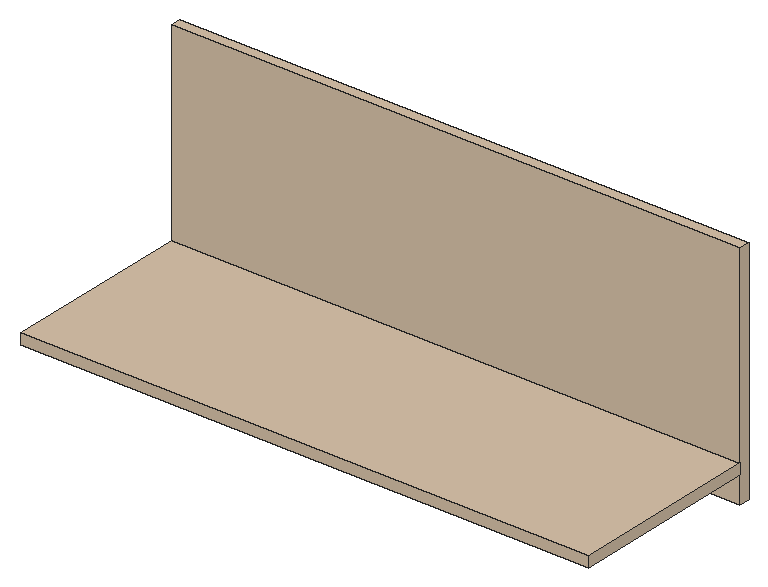
Revit family "Haworth_Masters_OpenSidedShelf_TwoHigh", category Furniture Systems, Revit 2018
Family settings
  Round Connector Dimension = Use Diameter
  Part Type = Normal
  OmniClass Number = 23.40.70.14.64.21
  OmniClass Title = Systems Furniture
  Work Plane-Based = No
  Always vertical = Yes
  Cut with Voids When Loaded = No
  Shared = No
  Room Calculation Point = No
Parameters (values of type "42w - One High - Letter Depth")
  Width = 42"
  Warranty = "http://www.haworth.com/resources/product-info/warranties"
  URL - Product = "http://www.haworth.com/products/desks/freestanding/masters-series"
  URL = "http://www.haworth.com/"
  Sustainability Info = "http://media.haworth.com/asset/94814/Masters%20series%20PEDS.pdf"
  Shelf Finish [instance] = Haworth _ Wood _ White Oak
  Shelf Depth = if(Legal Depth, 16 1/2", 14")  # 14"
  Panel Finish [instance] = Haworth _ Wood _ White Oak
  One High = not(Two High)  # yes
  Model = "Masters Series"
  Size = "Verify Final Dim. w/ Haworth"  # constant formula
  Revision Number = "1"  # constant formula
  Panel Depth = 3/4"  # constant formula
  Min/Max Width = "30-120 in. @ 6 in. Increments"  # constant formula
  Min/Max Height = "17 in. Single Shelf or 29 in. Double Shelf"  # constant formula
  Min. Width = 30"  # constant formula
  Max. Width = 120"  # constant formula
  Manufacturer = "Haworth"  # constant formula
  Letter Depth = not(Legal Depth)  # yes
  Legal Depth = no
  Description = "Masters Series Open Ended Shelving"
  Custom Size = not(or(Width = 30", Width = 36", Width = 42", Width = 48", Width = 54", Width = 60", Width = 66", Width = 72", Width = 78", Width = 84", Width = 90", Width = 96", Width = 102", Width = 108", Width = 114", Width = 120"))  # no
  Bottom Shelf [instance] = yes
  Author = "SHAPE Environments, LLC"  # constant formula
  Assembly Code = "E2020500"
  Actual Width = if(Width < Min. Width, Min. Width, if(Width > Max. Width, Max. Width, Width))  # 42"
  Panel Offset [instance] = 42"
  Actual Height = if(Two High, 29", 17")  # 17"
  Two High = no
Types (4): name | Width | One High | Description | Actual Width | Actual Height | Two High
  30w - One High - Letter Depth | 30" | yes | "Masters Series Open Ended Shelving - One High Letter Depth" | 30" | 17" | no
  30w - Two High - Letter Depth | 30" | no | "Masters Series Open Ended Shelving" | 30" | 29" | yes
  42w - One High - Letter Depth | 42" | yes | "Masters Series Open Ended Shelving" | 42" | 17" | no
  42w - Two High - Letter Depth | 42" | no | "Masters Series Open Ended Shelving" | 42" | 29" | yes
Reference planes (in)
  plane 1 "Center F/B": y = -0.82517
  plane 2: z = -12
  plane 3 "Center L/R": x = 0.09607
  plane 4 "Left Trim Inside": x = -20.90393
  plane 5 "Right Trim Inside": x = 21.09607
  plane 6 "Top": z = 47
  plane 7 "Panel Offset": z = 30
  plane 8 "Back": y = -0.45017
  plane 9 "panel front": y = -1.20017
  plane 10 "Front": y = -15.20017
  plane 11: z = 24
Forms (in)
  Sweep 1, solid, material "Haworth _ Wood _ White Oak" <- "Shelf Finish", visible <- "Bottom Shelf"
    path origin (0, -0.82517, 0) x (1, 0, 0) y (0, 0, 1)
      loop
        line (-20.90393, 30) -> (21.09607, 30)
    profile origin (0.09607, -0.82517, 30) x (0, 0, 1) y (0, -1, 0)
      loop
        line (2, 0.375) -> (2.75, 0.375) -> (2.75, 14.375) -> (2, 14.375) -> (2, 0.375)
  Extrusion 2, solid, material "Haworth _ Wood _ White Oak" <- "Panel Finish"
    sketch origin (0, 0, 0) x (1, 0, 0) y (0, 1, 0)
      loop
        line (-20.90393, -1.20017) -> (21.09607, -1.20017) -> (21.09607, -0.45017) -> (-20.90393, -0.45017) -> (-20.90393, -1.20017)
    from 30 to 47
  Sweep 3, solid, material "Haworth _ Wood _ White Oak" <- "Shelf Finish", visible <- "Two High"
    path origin (0, -0.82517, 0) x (1, 0, 0) y (0, 0, 1)
      loop
        line (-20.90393, 43) -> (21.09607, 43)
    profile origin (0.09607, -0.82517, 43) x (0, 0, 1) y (0, -1, 0)
      loop
        line (2, 0.375) -> (2.75, 0.375) -> (2.75, 14.375) -> (2, 14.375) -> (2, 0.375)
Lines and regions (in)
  Masking region 1, not visible
    outline origin (0, 0, 0) x (1, 0, 0) y (0, 1, 0)
      loop
        line (-20.90393, -1.20017) -> (-20.90393, -15.20017) -> (21.09607, -15.20017) -> (21.09607, -1.20017) -> (-20.90393, -1.20017)
  Masking region 2
    outline origin (0, 0, 0) x (1, 0, 0) y (0, 1, 0)
      loop
        line (-20.90393, -0.45017) -> (-20.90393, -15.20017) -> (21.09607, -15.20017) -> (21.09607, -0.45017) -> (-20.90393, -0.45017)
  symbolic lines, style "Haworth"
    curve 1: line (-20.90393, -1.20017, 0) -> (21.09607, -1.20017, 0)
Dimensions and locks (in)
  equal spacing: plane 4 "Left Trim Inside", plane 3 "Center L/R", plane 5 "Right Trim Inside"
  "Actual Width": plane 4 "Left Trim Inside" to plane 5 "Right Trim Inside"
  "Actual Height": plane 6 "Top" to plane 7 "Panel Offset"
  "Panel Offset": plane 7 "Panel Offset" to plane 2
  equal spacing: plane 8 "Back", plane 1 "Center F/B", plane 9 "panel front"
  "Panel Depth": plane 8 "Back" to plane 9 "panel front"
  locked: Sweep 3 to Sweep 1 at 13
  "Shelf Depth": plane 9 "panel front" to plane 10 "Front"
  plane 7 "Panel Offset" to plane 11 = 6"
  aligned and locked: Sweep 1 sketch curve to plane 7 "Panel Offset"
  aligned and locked: plane 4 "Left Trim Inside" to Sweep 1 sketch curve
  aligned and locked: plane 5 "Right Trim Inside" to Sweep 1 sketch curve
  aligned and locked: plane 9 "panel front" to Sweep 1
  aligned and locked: Masking region 1 sketch curve to Sweep 1
  aligned and locked: Masking region 1 sketch curve to plane 5 "Right Trim Inside"
  aligned and locked: Masking region 1 sketch curve to plane 9 "panel front"
  aligned and locked: Masking region 1 sketch curve to plane 4 "Left Trim Inside"
  aligned and locked: Extrusion 2 sketch curve to plane 9 "panel front"
  aligned and locked: Extrusion 2 sketch curve to plane 4 "Left Trim Inside"
  aligned and locked: plane 8 "Back" to Extrusion 2 sketch curve
  aligned and locked: plane 5 "Right Trim Inside" to Extrusion 2 sketch curve
  aligned and locked: plane 6 "Top" to Extrusion 2
  aligned and locked: Masking region 2 sketch curve to Sweep 1
  aligned and locked: Masking region 2 sketch curve to plane 4 "Left Trim Inside"
  aligned and locked: Masking region 2 sketch curve to plane 5 "Right Trim Inside"
  aligned and locked: Sweep 3 sketch curve to plane 10 "Front"
  aligned and locked: Sweep 3 sketch curve to plane 9 "panel front"
  aligned and locked: Sweep 1 sketch curve to plane 10 "Front"
  aligned and locked: Sweep 1 sketch curve to plane 9 "panel front"
Automatic sketch dimensions
  Sweep 3 sketch curve to plane 4 "Left Trim Inside" = 0"
  Sweep 3 sketch curve to plane 5 "Right Trim Inside" = 0"
  Sweep 3 sketch curve to plane 6 "Top" = 4"
  curve 1 to plane 4 "Left Trim Inside" = 0"
  curve 1 to plane 5 "Right Trim Inside" = 0"
  curve 1 to plane 9 "panel front" = 0"
  Sweep 1 sketch curve to profile plane = 2"
  Sweep 1 sketch curve to Sweep 1 sketch curve = 3/4"
  Sweep 3 sketch curve to profile plane = 2"
  Sweep 3 sketch curve to Sweep 3 sketch curve = 3/4"
  Masking region 2 sketch curve to plane 8 "Back" = 0"
